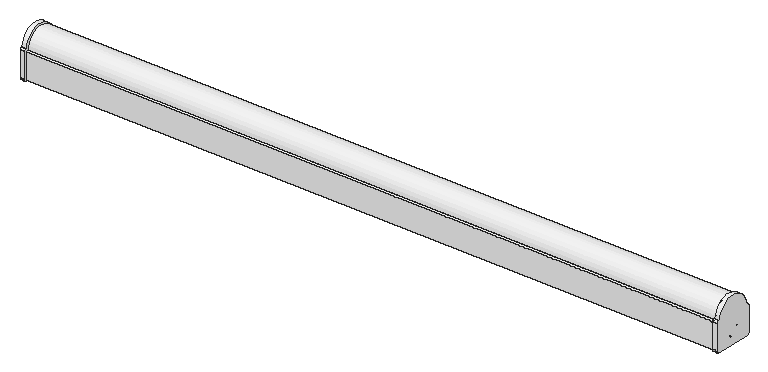
Revit family "0045191 Feilo Sylvania Lighting Fixture SYLBATTEN LED5-5 NW DALI TP5 ", category Lighting Fixtures, host Face, Revit 2017
Family settings
  Host = Face
  Round Connector Dimension = Use Diameter
  Part Type = Normal
  OmniClass Number = 23.80.70.00
  OmniClass Title = Lighting
  Cut with Voids When Loaded = No
  Light Source = Yes
  Shared = No
  Room Calculation Point = No
Parameters (values of type "0045191 SYLBATTEN LED5.5 NW DALI TP5")
  Width_FEILO = 66 mm
  Weight = "2.6 kg"
  Wattage Comments = "n/a"
  Wattage = 53 W
  WarrantyStartDate [instance] = "n/a"
  WarrantyGuarantorParts = "n/a"
  WarrantyDurationUnit = "n/a"
  WarrantyDurationParts = "n/a"
  WarrantyDescription = "n/a"
  built-in parameter 1150110 = 1 (stored number, unit not read)
  Voltage = 230 V
  URL = "http://www.sylvania-lighting.com"
  TypeName = "SYLBATTEN LED5.5 NW DALI TP5"
  Type Image = <None>
  Type Comments = "n/a"
  built-in parameter 1114217 = 1 (stored number, unit not read)
  Tilt Angle = -90.00°
  built-in parameter 1150109 = 1 (stored number, unit not read)
  built-in parameter 1150134 = 12
  SymReflector_FEILO = no
  built-in parameter 1150113 = 1 (stored number, unit not read)
  SerialNumber [instance] = "n/a"
  PowerFactor = 0
  PowerConsumption = "53 W"
  Photometric Web File = "0045191.ies"
  NominalLength = 1205 mm
  NominalHeight = 76 mm
  NominalDepth = 66 mm
  Name = "SYLBATTEN LED5.5 NW DALI TP5"
  ModelReference = Name  # "SYLBATTEN LED5.5 NW DALI TP5"
  ModelNumber = "0045191"
  Model = Name  # "SYLBATTEN LED5.5 NW DALI TP5"
  Material_4_FEILO = Reflector-Sylvania-Sylbatten-White
  Material_3_FEILO = Diffuser-Sylvania-Sylbatten-Glow
  Material_2_FEILO = Body-Sylvania-Sylbatten-White
  Material_1_FEILO = Body-Sylvania-Sylbatten-White
  Material = "sheet steel housing, polycarbonate diffuser"
  ManufacturerName = "Feilo Sylvania"
  Manufacturer = "Feilo Sylvania"
  LuminousEfficacy = "106.2 lm/W"
  built-in parameter 1150105 = 447.99 (stored number, unit not read)
  Lumens = 5629.66 lm
  LuminaireType = ""
  built-in parameter 1150115 = 1 (stored number, unit not read)
  LightOutputRatio = "100"
  built-in parameter 1150137 = (empty or 0)
  built-in parameter 1150139 = (empty or 0)
  Length_FEILO = 1205 mm
  LampsType = Lamp  # "LED"
  LampNominalLuminous = "5630 lm"
  LampMacAdamStep = "n/a"
  LampColourTemperature = "4000 K"
  LampColourRenderingIndex = "80"
  built-in parameter 1150112 = 1 (stored number, unit not read)
  built-in parameter 1150114 = 1 (stored number, unit not read)
  Lamp = "LED"
  Keynote = "16500"
  InstallationDate [instance] = "n/a"
  InputVoltage = "220-240V~"
  InputNominalFrequency = "n/a"
  built-in parameter 1150132 = (empty or 0)
  built-in parameter 1150102 = (empty or 0)
  built-in parameter 1150107 = 4000 (stored number, unit not read)
  built-in parameter 1150138 = (empty or 0)
  IngressProtection = "IP20"
  ImpactProtectionIndex = "IK07"
  built-in parameter 1150106 = 4.4799 (stored number, unit not read)
  IfcExportType = "IfcLightFixtureType"
  IfcExportAs = "IfcLightFixtureType"
  Height_FEILO = 76 mm
  ExpectedLife = 50000
  Emit from Rectangle Width = Length_FEILO - 16 mm  # 1189 mm
  Emit from Rectangle Length = Width_FEILO - 40 mm  # 26 mm
  Emit Shape Visible in Rendering = no
  ElectricShockClassification = "Class I"
  built-in parameter 1150104 = 9.8682 (stored number, unit not read)
  DurationUnit = "hours"
  DocumentationLiterature = "http://www.sylvania-lighting.com/product/en-int/products/0045191"
  DimmingControlOptions = "Dimmable"
  Dimming Lamp Color Temperature Shift = <None>
  Description = "LED batten, T8 replacement, ease of installation through 2 part push-in design of the housing (safety cable included), through wiring capability (TP5 = 5 core), sheet steel, 5630LM, 53W, 106lm/W, 4000K, drive current: 350mA, CRI 80, 138° wide beam angle, DALI dimmable, IP20, IK07, 50,000 hrs (L70), (LxWxH) 1205x66x76mm, 5 step MacAdam ellipse, 3kg, white RAL 9016, Class 1, 220-240V, energy class: A++, A+, A."
  Default Elevation = 1219.2 mm
  CreatedOn = "2/22/2018"
  CreatedBy = ""
  Cost = 0
  Color Filter = 16777215
  built-in parameter 1114216 [instance] = (empty or 0)
  ClassificationValue = "EF_70_80"
  ClassificationName = "Uniclass2015"
  CapOffset_FEILO = 2 mm
  BarCode [instance] = "n/a"
  built-in parameter 1114218 = 1 (stored number, unit not read)
  BackReflector_FEILO = and(not(AsymReflector_FEILO), SymReflector_FEILO)  # no
  built-in parameter 1150133 = 10 (stored number, unit not read)
  FrontReflector_FEILO = or(AsymReflector_FEILO, SymReflector_FEILO)  # no
  AsymReflector_FEILO = no
  AssetType = "Fixed"
  AssetIdentifier [instance] = "n/a"
  Assembly Code = "D5020200"
  Apparent Load = 53 VA
Reference planes
  plane 1 "Center (Front/Back)": y = 0
  plane 2: z = 0
  plane 3 "Center (Left/Right)": x = 0
  plane 4: x = 602.5
  plane 5: x = -602.5
  plane 6: y = 33
  plane 7: y = -33
  plane 8: z = 76
  plane 9: z = 47
  plane 10: y = -29
  plane 11: y = 29
  plane 12: z = 20
  plane 13: z = 74
  plane 14: y = -31
  plane 15: y = -27
  plane 16: y = 27
  plane 17: y = 31
  plane 18: z = 2
  plane 19: x = -594.5
  plane 20: x = 594.5
  plane 21: z = 49
  plane 22: y = 1
  plane 23: y = -1
  plane 24: z = 21
  plane 25: z = 19
  plane 26: y = -61
  plane 27: y = 61
  plane 28: y = -56
  plane 29: y = 56
  plane 30: z = 91
  plane 31: z = 88
Forms (mm)
  Extrusion 1, solid, material "Body-Sylvania-Sylbatten-White" <- "Material_2_FEILO"
    sketch origin (0, 0, 0) x (0, 1, 0) y (0, 0, 1)
      loop
        line (-31, 2) -> (31, 2) -> (31, 45)
        arc (31, 45) -> (30.414, 46.414) -> (29, 47) r 2
        line (29, 47) -> (27, 47)
        arc (27, 47) -> (0, 74) -> (-27, 47) r 27
        line (-27, 47) -> (-29, 47)
        arc (-29, 47) -> (-30.414, 46.414) -> (-31, 45) r 2
        line (-31, 45) -> (-31, 2)
    from -594.5 to 594.5
  Extrusion 2, solid, material "Body-Sylvania-Sylbatten-White" <- "Material_2_FEILO"
    sketch origin (602.5, 1524, 1219.2) x (0, 1, 0) y (0, 0, 1)
      loop
        arc (-1494, -1219.2) -> (-1491.879, -1218.321) -> (-1491, -1216.2) r 3
        line (-1491, -1216.2) -> (-1491, -1173.2)
        arc (-1491, -1173.2) -> (-1491.879, -1171.079) -> (-1494, -1170.2) r 3
        line (-1494, -1170.2) -> (-1495.069, -1170.2)
        arc (-1495.069, -1170.2) -> (-1524, -1143.2) -> (-1552.931, -1170.2) r 29
        line (-1552.931, -1170.2) -> (-1554, -1170.2)
        arc (-1554, -1170.2) -> (-1556.121, -1171.079) -> (-1557, -1173.2) r 3
        line (-1557, -1173.2) -> (-1557, -1216.2)
        arc (-1557, -1216.2) -> (-1556.121, -1218.321) -> (-1554, -1219.2) r 3
        line (-1554, -1219.2) -> (-1494, -1219.2)
      loop
        arc (-1525, -1189.25) -> (-1531.071, -1192.129) -> (-1533.95, -1198.2) r 10
        line (-1533.95, -1198.2) -> (-1532.944, -1198.2)
        arc (-1532.944, -1198.2) -> (-1530.364, -1192.836) -> (-1525, -1190.256) r 9
        line (-1525, -1190.256) -> (-1525, -1189.25)
      loop
        arc (-1523, -1190.256) -> (-1517.636, -1192.836) -> (-1515.056, -1198.2) r 9
        line (-1515.056, -1198.2) -> (-1514.05, -1198.2)
        arc (-1514.05, -1198.2) -> (-1516.929, -1192.129) -> (-1523, -1189.25) r 10
        line (-1523, -1189.25) -> (-1523, -1190.256)
      loop
        line (-1532.944, -1200.2) -> (-1533.95, -1200.2)
        arc (-1533.95, -1200.2) -> (-1531.071, -1206.271) -> (-1525, -1209.15) r 10
        line (-1525, -1209.15) -> (-1525, -1208.144)
        arc (-1525, -1208.144) -> (-1530.364, -1205.564) -> (-1532.944, -1200.2) r 9
      loop
        arc (-1515.056, -1200.2) -> (-1517.636, -1205.564) -> (-1523, -1208.144) r 9
        line (-1523, -1208.144) -> (-1523, -1209.15)
        arc (-1523, -1209.15) -> (-1516.929, -1206.271) -> (-1514.05, -1200.2) r 10
        line (-1514.05, -1200.2) -> (-1515.056, -1200.2)
    from 0 to -8
  Extrusion 3, solid, material "Body-Sylvania-Sylbatten-White" <- "Material_2_FEILO"
    sketch origin (-602.5, 1524, 1219.2) x (0, 1, 0) y (0, 0, 1)
      loop
        arc (-1495.069, -1170.2) -> (-1524, -1143.2) -> (-1552.931, -1170.2) r 29
        line (-1552.931, -1170.2) -> (-1554, -1170.2)
        arc (-1554, -1170.2) -> (-1556.121, -1171.079) -> (-1557, -1173.2) r 3
        line (-1557, -1173.2) -> (-1557, -1216.2)
        arc (-1557, -1216.2) -> (-1556.121, -1218.321) -> (-1554, -1219.2) r 3
        line (-1554, -1219.2) -> (-1494, -1219.2)
        arc (-1494, -1219.2) -> (-1491.879, -1218.321) -> (-1491, -1216.2) r 3
        line (-1491, -1216.2) -> (-1491, -1173.2)
        arc (-1491, -1173.2) -> (-1491.879, -1171.079) -> (-1494, -1170.2) r 3
        line (-1494, -1170.2) -> (-1495.069, -1170.2)
      loop
        line (-1533.95, -1198.2) -> (-1532.944, -1198.2)
        arc (-1532.944, -1198.2) -> (-1530.364, -1192.836) -> (-1525, -1190.256) r 9
        line (-1525, -1190.256) -> (-1525, -1189.25)
        arc (-1525, -1189.25) -> (-1531.071, -1192.129) -> (-1533.95, -1198.2) r 10
      loop
        line (-1523, -1189.25) -> (-1523, -1190.256)
        arc (-1523, -1190.256) -> (-1517.636, -1192.836) -> (-1515.056, -1198.2) r 9
        line (-1515.056, -1198.2) -> (-1514.05, -1198.2)
        arc (-1514.05, -1198.2) -> (-1516.929, -1192.129) -> (-1523, -1189.25) r 10
      loop
        line (-1514.05, -1200.2) -> (-1515.056, -1200.2)
        arc (-1515.056, -1200.2) -> (-1517.636, -1205.564) -> (-1523, -1208.144) r 9
        line (-1523, -1208.144) -> (-1523, -1209.15)
        arc (-1523, -1209.15) -> (-1516.929, -1206.271) -> (-1514.05, -1200.2) r 10
      loop
        line (-1525, -1209.15) -> (-1525, -1208.144)
        arc (-1525, -1208.144) -> (-1530.364, -1205.564) -> (-1532.944, -1200.2) r 9
        line (-1532.944, -1200.2) -> (-1533.95, -1200.2)
        arc (-1533.95, -1200.2) -> (-1531.071, -1206.271) -> (-1525, -1209.15) r 10
    from 0 to 8
  Extrusion 4, solid, material "Reflector-Sylvania-Sylbatten-White" <- "Material_4_FEILO", visible <- "FrontReflector_FEILO"
    sketch origin (0, 0, 0) x (0, 1, 0) y (0, 0, 1)
      loop
        line (-61.257, 88.429) -> (-60.743, 87.571) -> (-56.621, 90.044)
        arc (-56.621, 90.044) -> (-56.237, 90.099) -> (-55.929, 89.863) r 0.5
        line (-55.929, 89.863) -> (-31.435, 46.753) -> (-30.565, 47.247) -> (-55.312, 90.802)
        arc (-55.312, 90.802) -> (-55.928, 91.275) -> (-56.696, 91.165) r 1
        line (-56.696, 91.165) -> (-61.257, 88.429)
    from -594.5 to 594.5
  Extrusion 5, solid, material "Reflector-Sylvania-Sylbatten-White" <- "Material_4_FEILO", visible <- "BackReflector_FEILO"
    sketch origin (0, 0, 0) x (0, 1, 0) y (0, 0, 1)
      loop
        line (30.565, 47.247) -> (31.435, 46.753) -> (55.932, 89.868)
        arc (55.932, 89.868) -> (56.245, 90.112) -> (56.638, 90.062) r 0.518
        line (56.638, 90.062) -> (61.033, 87.565) -> (61.527, 88.435) -> (56.682, 91.188)
        arc (56.682, 91.188) -> (55.922, 91.282) -> (55.318, 90.812) r 1
        line (55.318, 90.812) -> (30.565, 47.247)
    from -594.5 to 594.5
Lines and regions (mm)
  reference lines
    curve 1: line (0, -61, 88) -> (0, -56, 91)
    curve 2: line (0, -56, 91) -> (0, -31, 47)
    curve 3: line (0, 31, 47) -> (0, 56, 91)
    curve 4: line (0, 56, 91) -> (0, 61.28, 88)
Dimensions and locks
  equal spacing: plane 5, plane 3 "Center (Left/Right)", plane 4
  equal spacing: plane 7, plane 1 "Center (Front/Back)", plane 6
  "Width_FEILO": plane 7 to plane 6
  "Length_FEILO": plane 5 to plane 4
  "Height_FEILO": plane 8 to plane 2
  locked: plane 9 to plane 8 at 29
  equal spacing: plane 10, plane 1 "Center (Front/Back)", plane 11
  locked: plane 7 to plane 10 at 4
  locked: plane 12 to plane 2 at 20
  "CapOffset_FEILO": plane 13 to plane 8
  "CapOffset_FEILO": plane 7 to plane 14
  "CapOffset_FEILO": plane 10 to plane 15
  "CapOffset_FEILO": plane 17 to plane 6
  "CapOffset_FEILO": plane 16 to plane 11
  "CapOffset_FEILO": plane 18 to plane 2
  locked: plane 14 to Extrusion 1 sketch curve at 2
  locked: Extrusion 1 sketch curve to plane 9 at 2  (x2)
  locked: plane 16 to Extrusion 1 sketch curve at 2
  equal spacing: plane 19, plane 3 "Center (Left/Right)", plane 20
  locked: plane 5 to plane 19 at 8
  "CapOffset_FEILO": plane 9 to plane 21
  locked: Extrusion 2 sketch curve to plane 2 at 47
  locked: Extrusion 1 sketch curve to plane 2 at 47
  locked: Extrusion 2 sketch curve to plane 2 at 3  (x2)
  locked: plane 7 to Extrusion 2 sketch curve at 3  (x2)
  locked: Extrusion 2 sketch curve to plane 6 at 3  (x2)
  locked: Extrusion 2 sketch curve to plane 21 at 3  (x2)
  equal spacing: plane 23, plane 1 "Center (Front/Back)", plane 22
  equal spacing: plane 25, plane 12, plane 24
  plane 30 to plane 31 to plane 2 = 3 mm locked, 88 mm locked
  plane 28 to plane 29 = 112 mm
  plane 26 to plane 27 = 122 mm
  aligned and locked: plane 2 to host face
  aligned and locked: level to host face
  aligned and locked: plane 18 to Extrusion 1 sketch curve
  aligned and locked: plane 14 to Extrusion 1 sketch curve
  aligned and locked: Extrusion 1 sketch curve to plane 9  (x2)
  aligned and locked: Extrusion 1 sketch curve to plane 17
  aligned and locked: plane 15 to Extrusion 1 sketch curve
  aligned and locked: plane 16 to Extrusion 1 sketch curve
  aligned and locked: plane 9 to Extrusion 1 sketch curve
  aligned and locked: plane 20 to Extrusion 1
  aligned and locked: level to Extrusion 2 sketch curve
  aligned and locked: Extrusion 2 sketch curve to plane 7
  aligned and locked: plane 21 to Extrusion 2 sketch curve
  aligned and locked: Extrusion 2 sketch curve to plane 21
  aligned and locked: plane 1 "Center (Front/Back)" to Extrusion 2 sketch curve  (x3)
  aligned and locked: Extrusion 2 to Extrusion 1
  aligned and locked: plane 4 to Extrusion 2
  aligned and locked: plane 12 to Extrusion 2 sketch curve  (x2)
  aligned and locked: Extrusion 2 sketch curve to plane 22
  aligned and locked: Extrusion 2 sketch curve to plane 23
  aligned and locked: Extrusion 2 sketch curve to plane 24
  aligned and locked: Extrusion 2 sketch curve to plane 25
  aligned and locked: plane 25 to Extrusion 2 sketch curve
  aligned and locked: plane 22 to Extrusion 2 sketch curve
  aligned and locked: plane 24 to Extrusion 2 sketch curve
  aligned and locked: plane 23 to Extrusion 2 sketch curve  (x2)
  aligned and locked: Extrusion 3 sketch curve to Extrusion 2  (x22)
  aligned and locked: Extrusion 3 to Extrusion 1
  aligned and locked: Extrusion 3 to plane 5
  aligned and locked: plane 19 to Extrusion 3
  aligned and locked: plane 31 to curve 1
  aligned and locked: plane 30 to curve 1
  aligned and locked: plane 14 to curve 2
  aligned and locked: plane 9 to curve 2
  aligned and locked: plane 17 to curve 3
  aligned and locked: plane 30 to curve 3
  aligned and locked: plane 31 to curve 4
  aligned and locked: Extrusion 4 sketch curve to curve 2
  aligned and locked: Extrusion 4 sketch curve to curve 1
  aligned and locked: Extrusion 4 to Extrusion 1
  aligned and locked: Extrusion 1 to Extrusion 4
  aligned and locked: imposter light to plane 1 "Center (Front/Back)"
  aligned and locked: imposter light to plane 3 "Center (Left/Right)"
  aligned and locked: imposter light to plane 13
  aligned and locked: Extrusion 5 sketch curve to curve 4
  aligned and locked: Extrusion 5 sketch curve to curve 3
  aligned and locked: Extrusion 1 to Extrusion 5
  aligned and locked: Extrusion 5 to Extrusion 1
Automatic sketch dimensions
  host sketch curve to host sketch curve = 2438.4 mm  (x2)
  Extrusion 2 sketch curve to Extrusion 2 sketch curve = 0 mm  (x14)
  Extrusion 2 sketch curve to plane 10 = 0.069 mm
  plane 23 to Extrusion 2 sketch curve = 8.95 mm
  Extrusion 2 sketch curve to Extrusion 2 sketch curve = 1.006 mm  (x4)
  Extrusion 2 sketch curve to plane 22 = 7.944 mm
  curve 1 to plane 26 = 0 mm
  curve 2 to plane 28 = 0 mm
  curve 4 to plane 29 = 0 mm
  plane 9 to curve 3 = 0 mm
  plane 26 to Extrusion 4 sketch curve = 0.257 mm
  Extrusion 4 sketch curve to plane 26 = 0.257 mm
  Extrusion 4 sketch curve to plane 30 = 0.165 mm
  plane 28 to Extrusion 4 sketch curve = 0.696 mm
  plane 28 to Extrusion 4 sketch curve = 0.621 mm
  plane 28 to Extrusion 4 sketch curve = 0.364 mm
  plane 28 to Extrusion 4 sketch curve = 0.182 mm
  Extrusion 4 sketch curve to plane 28 = 0.071 mm
  plane 30 to Extrusion 4 sketch curve = 0.198 mm
  Extrusion 4 sketch curve to plane 28 = 0.688 mm
  plane 9 to Extrusion 4 sketch curve = 0.247 mm
  plane 1 "Center (Front/Back)" to Extrusion 4 sketch curve = 31.435 mm
  Extrusion 5 sketch curve to plane 9 = 0.247 mm
  Extrusion 5 sketch curve to plane 1 "Center (Front/Back)" = 30.565 mm
  plane 9 to Extrusion 5 sketch curve = 0.247 mm
  plane 30 to Extrusion 5 sketch curve = 0.188 mm
  plane 29 to Extrusion 5 sketch curve = 0.068 mm
  Extrusion 5 sketch curve to plane 29 = 0.188 mm
  Extrusion 5 sketch curve to plane 29 = 0.382 mm
  Extrusion 5 sketch curve to Extrusion 5 sketch curve = 0.256 mm
  Extrusion 5 sketch curve to plane 30 = 0.188 mm
  Extrusion 5 sketch curve to plane 29 = 0.682 mm
  Extrusion 5 sketch curve to plane 27 = 0.033 mm
  Extrusion 5 sketch curve to plane 27 = 0.527 mm
Connectors
  electrical at (0, 0, 0), driven by "Apparent Load", driven by "PowerFactor", driven by "Voltage"
    settings: index 1, voltage 230 V, apparent load 53 VA, apparent load phase1 0 VA, apparent load phase2 0 VA, apparent load phase3 0 VA, power factor 0, load classification "Lighting", number of poles 1, system type 30, power factor state 1, is connector primary yes, connector utility no, sub classification motor no, connector description ""
